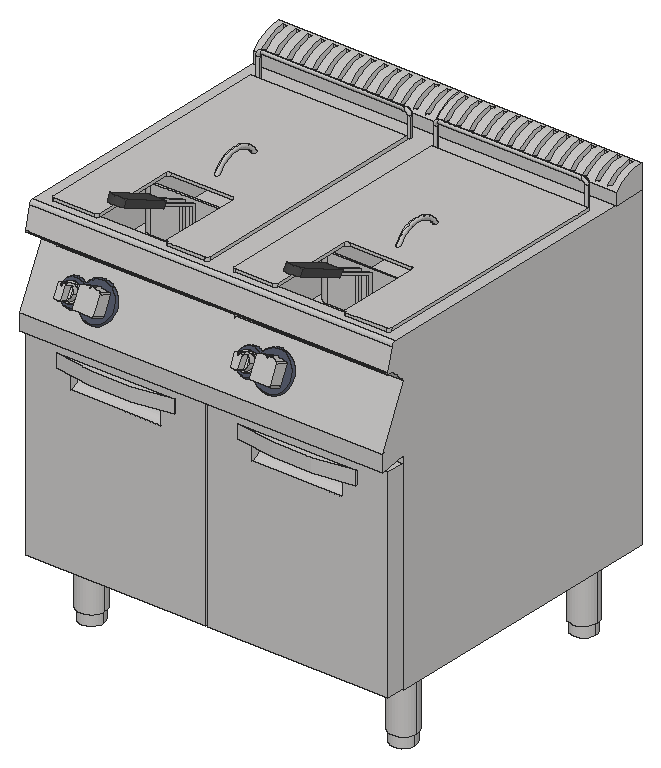
Revit family "QF_ZANUSSI_372071_Z7FRGH2GF0", category Specialty Equipment, Revit 2018
Family settings
  Round Connector Dimension = Use Diameter
  Part Type = Normal
  Work Plane-Based = No
  Always vertical = Yes
  Cut with Voids When Loaded = No
  Shared = No
  Room Calculation Point = No
Parameters
  Width = 800 mm  # constant formula
  Weight in Pounds = 187  # constant formula
  Weight = 0.00 kg
  Watts = 0 W
  Volts = 0 V
  URL Manufacturer = "http://www.zanussiprofessional.com"
  URL Cutsheet = "www.electrolux.com/foodservice"
  URL = "http://www.zanussiprofessional.com"
  Type Mark [instance] = ""
  Steam Supply Size = 0"
  Steam Supply Minimum Pressure = 0.00 psi
  Steam Supply Maximum Pressure = 0.00 psi
  Steam Pounds per Hour = 0
  Status [instance] = ""
  Specification by User [instance] = ""
  Specification by Manufacturer = ""
  Show Logo [instance] = yes
  Show Clearance [instance] = yes
  Serial Number = ""
  Seismic Rating = ""
  SMACNA No = ""
  Revision Code [instance] = ""
  Refrigeration Suction Line Size = 0"
  Refrigeration Liquid Line Size = 0"
  Refrigerant Compressor Remote = yes
  Phase = 0
  Omniclass Number and Title = ""
  NAFEM Spec ID Number = ""
  Model = "Z7FRGH2GF0"
  Mechanical Remarks [instance] = ""
  Mechanical Connection Type [instance] = ""
  Masterspec = ""
  Manufacturer = "Zanussi"
  Length Actual = 800 mm  # constant formula
  Item Number [instance] = "372071"
  Installed By [instance] = ""
  Identify Quantity as Lot [instance] = yes
  Hot Water Size = 0"
  Height Actual = 850 mm  # constant formula
  Height = 333 mm  # constant formula
  HP = "0 HP"
  Gas Size = 1/2"  # constant formula
  Gas RI Height [instance] = 0 mm
  Gas KW [instance] = 28  # constant formula
  Gas Input [instance] = 95452.0 Btu/h  # constant formula
  Gas Connection Height = 0 mm
  Furnished By [instance] = ""
  Foodservice Equipment Identifier [instance] = yes
  Direct Waste Size = 0"
  Description = "2X15 LITRE GAS FRYER 800 MM"
  Depth Actual = 700 mm  # constant formula
  Depth = 715 mm  # constant formula
  Cycle = 0 Hz
  Condensate Return Size = 0"
  Compressed Air Volume = 0 GPM
  Compressed Air Size = 0"
  Compressed Air Pressure = 0.00 psi
  Cold Water Size = 0"
  CSI MasterFormat = ""
  CSI Master Format = ""
  Base Height [instance] = 150 mm  # constant formula
  Accessory = yes
Reference planes
  plane 1 "BACK": y = 0
  plane 2: z = 0
  plane 3 "LEFT": x = 0
  plane 4 "RIGHT": x = 800
  plane 5 "FRONT": y = -715
  plane 6 "TOP": z = 905
  plane 7 "Center Y": x = 400
  plane 8 "Center X": y = -357.5
  plane 9 "BASE": z = 600
  plane 10 "TOP A": z = 850
  plane 11: y = -597.884
  plane 12: y = -147.637
  plane 13: z = 938
  plane 14: z = 150
Forms (mm)
  Extrusion 1, solid, material "QF_Finishes_Stainless Steel"
    sketch origin (0, 0, 0) x (0, 1, 0) y (0, 0, 1)
      loop
        line (0, 850) -> (-679.358, 850)
        arc (-679.358, 850) -> (-684.643, 847.811) -> (-686.833, 842.526) r 7.474
        line (-686.833, 842.526) -> (-699.884, 797.011)
        arc (-699.884, 797.011) -> (-699.396, 794.379) -> (-697, 793.184) r 3
        line (-697, 793.184) -> (-686.802, 793.184) -> (-654.982, 761.364) -> (-715, 640.508) -> (-715, 605.508) -> (-658.645, 613.428)
        arc (-658.645, 613.428) -> (-656.101, 612.674) -> (-655, 610.259) r 3.2
        line (-655, 610.259) -> (-655, 150) -> (0, 150) -> (0, 850)
      loop
        line (-700, 600) -> (-700, 155) -> (-660, 155) -> (-660, 600) -> (-700, 600)
    from 0 to 800
  Extrusion 2, solid, material "QF_Finishes_Stainless Steel"
    sketch origin (0, 0, 0) x (0, 1, 0) y (0, 0, 1)
      loop
        line (0, 850) -> (0, 905)
        arc (0, 905) -> (-38.078, 897.641) -> (-69.85, 875.4) r 93.057
        line (-69.85, 875.4) -> (-69.85, 850) -> (0, 850)
    from 0 to 800
  Extrusion 3, void
    sketch origin (0, 0, 850) x (-1, 0, 0) y (0, -1, 0)
      loop
        line (-33.338, 147.762) -> (-33.338, 655.762) -> (-373.012, 655.762) -> (-373.012, 147.762) -> (-33.338, 147.762)
      loop
        line (-766.662, 655.762) -> (-766.662, 147.762) -> (-426.988, 147.762) -> (-426.988, 655.762) -> (-766.662, 655.762)
    from 0 to -152.4
  Extrusion 4, void
    sketch origin (0, 0, 850) x (-1, 0, 0) y (0, -1, 0)
      loop
        line (-13.453, 6.761) -> (-13.453, 63.911) -> (-22.749, 63.911) -> (-22.749, 6.761) -> (-13.453, 6.761)
    from 25.4 to 63.5
  Extrusion 5, solid, material "QF_Finishes_Clearance", visible <- "Show Clearance", detail levels coarse
    sketch origin (0, 0, 0) x (1, 0, 0) y (0, 1, 0)
      loop
        line (0, -715) -> (0, 0) -> (800, 0) -> (800, -715) -> (950.019, -715) -> (950.019, 150.019) -> (-150.019, 150.019) -> (-150.019, -715) -> (0, -715)
    from 0 to 905
  Extrusion 6, solid, material "QF_Finishes_Stainless Steel"
    sketch origin (-77.88, -4572, 850) x (-1, 0, 0) y (0, -1, 0)
      loop
        arc (-104.867, -3916.238) -> (-106.727, -3911.748) -> (-111.217, -3909.888) r 6.35
        line (-111.217, -3909.888) -> (-200.117, -3909.888)
        arc (-200.117, -3909.888) -> (-204.607, -3911.748) -> (-206.467, -3916.238) r 6.35
        line (-206.467, -3916.238) -> (-206.467, -4098.488)
        arc (-206.467, -4098.488) -> (-208.327, -4102.979) -> (-212.817, -4104.838) r 6.35
        line (-212.817, -4104.838) -> (-349.292, -4104.838)
        arc (-349.292, -4104.838) -> (-353.782, -4102.979) -> (-355.642, -4098.488) r 6.35
        line (-355.642, -4098.488) -> (-355.642, -3916.238)
        arc (-355.642, -3916.238) -> (-357.502, -3911.748) -> (-361.992, -3909.888) r 6.35
        line (-361.992, -3909.888) -> (-444.542, -3909.888)
        arc (-444.542, -3909.888) -> (-449.032, -3911.748) -> (-450.892, -3916.238) r 6.35
        line (-450.892, -3916.238) -> (-450.892, -4459.163) -> (-104.867, -4459.163) -> (-104.867, -3916.238)
      loop
        line (-850.892, -3916.238) -> (-850.892, -4459.163) -> (-504.867, -4459.163) -> (-504.867, -3916.238)
        arc (-504.867, -3916.238) -> (-506.727, -3911.748) -> (-511.217, -3909.888) r 6.35
        line (-511.217, -3909.888) -> (-593.767, -3909.888)
        arc (-593.767, -3909.888) -> (-598.257, -3911.748) -> (-600.117, -3916.238) r 6.35
        line (-600.117, -3916.238) -> (-600.117, -4098.488)
        arc (-600.117, -4098.488) -> (-601.977, -4102.979) -> (-606.467, -4104.838) r 6.35
        line (-606.467, -4104.838) -> (-742.942, -4104.838)
        arc (-742.942, -4104.838) -> (-747.432, -4102.979) -> (-749.292, -4098.488) r 6.35
        line (-749.292, -4098.488) -> (-749.292, -3916.238)
        arc (-749.292, -3916.238) -> (-751.152, -3911.748) -> (-755.642, -3909.888) r 6.35
        line (-755.642, -3909.888) -> (-844.542, -3909.888)
        arc (-844.542, -3909.888) -> (-849.032, -3911.748) -> (-850.892, -3916.238) r 6.35
    from 0 to 6.35
  Sweep 7, solid, material "QF_Finishes_Stainless Steel"
    path origin (0, 36.513, 0) x (1, 0, 0) y (0, 0, 1)
      loop
        line (39.688, 850) -> (39.688, 895.475)
        arc (39.688, 895.475) -> (41.547, 899.965) -> (46.038, 901.825) r 6.35
        line (46.038, 901.825) -> (362.669, 901.825)
        arc (362.669, 901.825) -> (367.16, 899.965) -> (369.019, 895.475) r 6.35
        line (369.019, 895.475) -> (369.019, 850)
    profile origin (39.688, 36.513, 872.738) x (-1, 0, 0) y (0, -1, 0)
      loop
        circle (2.09, 140.754) r 3.827
  Extrusion 8, solid, material "QF_Finishes_Black"
    sketch origin (271.462, -708.83, 942.26) x (0, 0.906308, -0.422618) y (-1, 0, 0)
      loop
        line (10.103, 47.37) -> (128.716, 47.37) -> (128.716, 84.605) -> (10.103, 84.605)
        arc (10.103, 84.605) -> (-0.124, 65.987) -> (10.103, 47.37) r 22.059
    from -15.884 to 0
  Extrusion 9, solid, material "QF_Finishes_Stainless Steel"
    sketch origin (271.463, 41.275, 0) x (0, 1, 0) y (0, 0, 1)
      loop
        line (-547.91, 741) -> (-547.91, 842.478) -> (-635.463, 883.305) -> (-638.147, 877.55) -> (-554.26, 838.433) -> (-554.26, 741) -> (-547.91, 741)
    from -80.476 to -74.619
  Extrusion 10, solid, material "QF_Finishes_Stainless Steel"
    sketch origin (139.588, 41.275, 0) x (0, 1, 0) y (0, 0, -1)
      loop
        line (-554.26, -838.433) -> (-638.147, -877.55) -> (-635.463, -883.305) -> (-547.91, -842.478) -> (-547.91, -741) -> (-554.26, -741) -> (-554.26, -838.433)
    from -80.476 to -74.619
  Sweep 11, solid, material "QF_Finishes_Stainless Steel"
    path origin (200.025, -0.124, 0) x (0, 1, 0) y (0, 0, 1)
      loop
        arc (-315.761, 850) -> (-370.2, 883.779) -> (-424.639, 850) r 60.757
    profile origin (200.025, -370.324, 883.779) x (0, 0, -1) y (1, 0, 0)
      loop
        circle (0, 0) r 4.353
  Sweep 12, solid, material "QF_Finishes_Stainless Steel"
    path origin (600.075, -0.124, 0) x (0, 1, 0) y (0, 0, -1)
      loop
        arc (-315.761, -850) -> (-370.2, -883.779) -> (-424.639, -850) r 60.757
    profile origin (600.075, -370.324, 883.779) x (0, 0, 1) y (-1, 0, 0)
      loop
        circle (0, 0) r 4.353
  Extrusion 13, solid, material "QF_Finishes_Black"
    sketch origin (528.637, -708.83, 942.26) x (0, 0.906308, -0.422618) y (-1, 0, 0)
      loop
        arc (10.103, -47.27) -> (-0.124, -65.887) -> (10.103, -84.505) r 22.059
        line (10.103, -84.505) -> (128.716, -84.505) -> (128.716, -47.27) -> (10.103, -47.27)
    from -15.884 to 0
  Extrusion 14, solid, material "QF_Finishes_Mesh"
    sketch origin (0, 0, 850) x (-1, 0, 0) y (0, -1, 0)
      loop
        arc (-116.625, 189.135) -> (-98.665, 196.575) -> (-91.225, 214.535) r 25.4
        line (-91.225, 214.535) -> (-91.225, 473.61)
        arc (-91.225, 473.61) -> (-98.665, 491.571) -> (-116.625, 499.01) r 25.4
        line (-116.625, 499.01) -> (-294.375, 499.01)
        arc (-294.375, 499.01) -> (-312.336, 491.571) -> (-319.775, 473.61) r 25.4
        line (-319.775, 473.61) -> (-319.775, 214.535)
        arc (-319.775, 214.535) -> (-312.336, 196.575) -> (-294.375, 189.135) r 25.4
        line (-294.375, 189.135) -> (-116.625, 189.135)
      loop
        arc (-116.625, 192.31) -> (-100.91, 198.82) -> (-94.4, 214.535) r 22.225
        line (-94.4, 214.535) -> (-94.4, 473.61)
        arc (-94.4, 473.61) -> (-100.91, 489.326) -> (-116.625, 495.835) r 22.225
        line (-116.625, 495.835) -> (-294.375, 495.835)
        arc (-294.375, 495.835) -> (-310.091, 489.326) -> (-316.6, 473.61) r 22.225
        line (-316.6, 473.61) -> (-316.6, 214.535)
        arc (-316.6, 214.535) -> (-310.091, 198.82) -> (-294.375, 192.31) r 22.225
        line (-294.375, 192.31) -> (-116.625, 192.31)
      loop
        line (-683.375, 189.135) -> (-505.625, 189.135)
        arc (-505.625, 189.135) -> (-487.664, 196.575) -> (-480.225, 214.535) r 25.4
        line (-480.225, 214.535) -> (-480.225, 473.61)
        arc (-480.225, 473.61) -> (-487.664, 491.571) -> (-505.625, 499.01) r 25.4
        line (-505.625, 499.01) -> (-683.375, 499.01)
        arc (-683.375, 499.01) -> (-701.335, 491.571) -> (-708.775, 473.61) r 25.4
        line (-708.775, 473.61) -> (-708.775, 214.535)
        arc (-708.775, 214.535) -> (-701.335, 196.575) -> (-683.375, 189.135) r 25.4
      loop
        line (-683.375, 192.31) -> (-505.625, 192.31)
        arc (-505.625, 192.31) -> (-489.909, 198.82) -> (-483.4, 214.535) r 22.225
        line (-483.4, 214.535) -> (-483.4, 473.61)
        arc (-483.4, 473.61) -> (-489.909, 489.326) -> (-505.625, 495.835) r 22.225
        line (-505.625, 495.835) -> (-683.375, 495.835)
        arc (-683.375, 495.835) -> (-699.09, 489.326) -> (-705.6, 473.61) r 22.225
        line (-705.6, 473.61) -> (-705.6, 214.535)
        arc (-705.6, 214.535) -> (-699.09, 198.82) -> (-683.375, 192.31) r 22.225
    from -109 to -5.315
  Extrusion 15, solid, material "QF_Finishes_Stainless Steel"
    sketch origin (528.637, 41.275, 0) x (0, 1, 0) y (0, 0, -1)
      loop
        line (-547.91, -741) -> (-554.26, -741) -> (-554.26, -838.433) -> (-638.147, -877.55) -> (-635.463, -883.305) -> (-547.91, -842.478) -> (-547.91, -741)
    from -80.476 to -74.619
  Extrusion 16, solid, material "QF_Finishes_Stainless Steel"
    sketch origin (660.512, 41.275, 0) x (0, 1, 0) y (0, 0, 1)
      loop
        line (-554.26, 838.433) -> (-554.26, 741) -> (-547.91, 741) -> (-547.91, 842.478) -> (-635.463, 883.305) -> (-638.147, 877.55) -> (-554.26, 838.433)
    from -80.476 to -74.619
  Sweep 17, solid, material "QF_Finishes_Stainless Steel"
    path origin (800.1, 36.513, 0) x (-1, 0, 0) y (0, 0, -1)
      loop
        line (39.788, -850) -> (39.788, -895.475)
        arc (39.788, -895.475) -> (41.647, -899.965) -> (46.138, -901.825) r 6.35
        line (46.138, -901.825) -> (362.769, -901.825)
        arc (362.769, -901.825) -> (367.26, -899.965) -> (369.119, -895.475) r 6.35
        line (369.119, -895.475) -> (369.119, -850)
    profile origin (760.312, 36.513, 872.738) x (-1, 0, 0) y (0, -1, 0)
      loop
        circle (-2.09, 140.754) r 3.827
  Extrusion 18, void
    sketch origin (361.95, 0, 850) x (-1, 0, 0) y (0, -1, 0)
      loop
        line (-13.403, 6.761) -> (-13.403, 63.911) -> (-22.699, 63.911) -> (-22.699, 6.761) -> (-13.403, 6.761)
    from 25.4 to 63.5
  Extrusion 19, void
    sketch origin (27.842, 0, 850) x (-1, 0, 0) y (0, -1, 0)
      loop
        line (-13.453, 6.761) -> (-13.453, 63.911) -> (-22.749, 63.911) -> (-22.749, 6.761) -> (-13.453, 6.761)
    from 25.4 to 63.5
  Extrusion 20, void
    sketch origin (55.685, 0, 850) x (-1, 0, 0) y (0, -1, 0)
      loop
        line (-13.453, 6.761) -> (-13.453, 63.911) -> (-22.749, 63.911) -> (-22.749, 6.761) -> (-13.453, 6.761)
    from 25.4 to 63.5
  Extrusion 21, void
    sketch origin (83.527, 0, 850) x (-1, 0, 0) y (0, -1, 0)
      loop
        line (-13.453, 6.761) -> (-13.453, 63.911) -> (-22.749, 63.911) -> (-22.749, 6.761) -> (-13.453, 6.761)
    from 25.4 to 63.5
  Extrusion 22, void
    sketch origin (111.369, 0, 850) x (-1, 0, 0) y (0, -1, 0)
      loop
        line (-13.453, 6.761) -> (-13.453, 63.911) -> (-22.749, 63.911) -> (-22.749, 6.761) -> (-13.453, 6.761)
    from 25.4 to 63.5
  Extrusion 23, void
    sketch origin (139.212, 0, 850) x (-1, 0, 0) y (0, -1, 0)
      loop
        line (-13.453, 6.761) -> (-13.453, 63.911) -> (-22.749, 63.911) -> (-22.749, 6.761) -> (-13.453, 6.761)
    from 25.4 to 63.5
  Extrusion 24, void
    sketch origin (167.054, 0, 850) x (-1, 0, 0) y (0, -1, 0)
      loop
        line (-13.453, 6.761) -> (-13.453, 63.911) -> (-22.749, 63.911) -> (-22.749, 6.761) -> (-13.453, 6.761)
    from 25.4 to 63.5
  Extrusion 25, void
    sketch origin (194.896, 0, 850) x (-1, 0, 0) y (0, -1, 0)
      loop
        line (-13.403, 6.761) -> (-13.403, 63.911) -> (-22.699, 63.911) -> (-22.699, 6.761) -> (-13.403, 6.761)
    from 25.4 to 63.5
  Extrusion 26, void
    sketch origin (222.738, 0, 850) x (-1, 0, 0) y (0, -1, 0)
      loop
        line (-13.403, 6.761) -> (-13.403, 63.911) -> (-22.699, 63.911) -> (-22.699, 6.761) -> (-13.403, 6.761)
    from 25.4 to 63.5
  Extrusion 27, void
    sketch origin (250.581, 0, 850) x (-1, 0, 0) y (0, -1, 0)
      loop
        line (-13.403, 6.761) -> (-13.403, 63.911) -> (-22.699, 63.911) -> (-22.699, 6.761) -> (-13.403, 6.761)
    from 25.4 to 63.5
  Extrusion 28, void
    sketch origin (278.423, 0, 850) x (-1, 0, 0) y (0, -1, 0)
      loop
        line (-13.403, 6.761) -> (-13.403, 63.911) -> (-22.699, 63.911) -> (-22.699, 6.761) -> (-13.403, 6.761)
    from 25.4 to 63.5
  Extrusion 29, void
    sketch origin (306.265, 0, 850) x (-1, 0, 0) y (0, -1, 0)
      loop
        line (-13.403, 6.761) -> (-13.403, 63.911) -> (-22.699, 63.911) -> (-22.699, 6.761) -> (-13.403, 6.761)
    from 25.4 to 63.5
  Extrusion 30, void
    sketch origin (334.108, 0, 850) x (-1, 0, 0) y (0, -1, 0)
      loop
        line (-13.403, 6.761) -> (-13.403, 63.911) -> (-22.699, 63.911) -> (-22.699, 6.761) -> (-13.403, 6.761)
    from 25.4 to 63.5
  Extrusion 31, void
    sketch origin (800.1, 0, 850) x (1, 0, 0) y (0, 1, 0)
      loop
        line (-13.553, -6.761) -> (-22.849, -6.761) -> (-22.849, -63.911) -> (-13.553, -63.911) -> (-13.553, -6.761)
    from 25.4 to 63.5
  Extrusion 32, void
    sketch origin (438.15, 0, 850) x (1, 0, 0) y (0, 1, 0)
      loop
        line (-13.503, -6.761) -> (-22.799, -6.761) -> (-22.799, -63.911) -> (-13.503, -63.911) -> (-13.503, -6.761)
    from 25.4 to 63.5
  Extrusion 33, void
    sketch origin (772.258, 0, 850) x (1, 0, 0) y (0, 1, 0)
      loop
        line (-13.553, -6.761) -> (-22.849, -6.761) -> (-22.849, -63.911) -> (-13.553, -63.911) -> (-13.553, -6.761)
    from 25.4 to 63.5
  Extrusion 34, void
    sketch origin (744.415, 0, 850) x (1, 0, 0) y (0, 1, 0)
      loop
        line (-13.553, -6.761) -> (-22.849, -6.761) -> (-22.849, -63.911) -> (-13.553, -63.911) -> (-13.553, -6.761)
    from 25.4 to 63.5
  Extrusion 35, void
    sketch origin (716.573, 0, 850) x (1, 0, 0) y (0, 1, 0)
      loop
        line (-13.553, -6.761) -> (-22.849, -6.761) -> (-22.849, -63.911) -> (-13.553, -63.911) -> (-13.553, -6.761)
    from 25.4 to 63.5
  Extrusion 36, void
    sketch origin (688.731, 0, 850) x (1, 0, 0) y (0, 1, 0)
      loop
        line (-13.553, -6.761) -> (-22.849, -6.761) -> (-22.849, -63.911) -> (-13.553, -63.911) -> (-13.553, -6.761)
    from 25.4 to 63.5
  Extrusion 37, void
    sketch origin (660.888, 0, 850) x (1, 0, 0) y (0, 1, 0)
      loop
        line (-13.553, -6.761) -> (-22.849, -6.761) -> (-22.849, -63.911) -> (-13.553, -63.911) -> (-13.553, -6.761)
    from 25.4 to 63.5
  Extrusion 38, void
    sketch origin (633.046, 0, 850) x (1, 0, 0) y (0, 1, 0)
      loop
        line (-13.553, -6.761) -> (-22.849, -6.761) -> (-22.849, -63.911) -> (-13.553, -63.911) -> (-13.553, -6.761)
    from 25.4 to 63.5
  Extrusion 39, void
    sketch origin (605.204, 0, 850) x (1, 0, 0) y (0, 1, 0)
      loop
        line (-13.503, -6.761) -> (-22.799, -6.761) -> (-22.799, -63.911) -> (-13.503, -63.911) -> (-13.503, -6.761)
    from 25.4 to 63.5
  Extrusion 40, void
    sketch origin (577.362, 0, 850) x (1, 0, 0) y (0, 1, 0)
      loop
        line (-13.503, -6.761) -> (-22.799, -6.761) -> (-22.799, -63.911) -> (-13.503, -63.911) -> (-13.503, -6.761)
    from 25.4 to 63.5
  Extrusion 41, void
    sketch origin (549.519, 0, 850) x (1, 0, 0) y (0, 1, 0)
      loop
        line (-13.503, -6.761) -> (-22.799, -6.761) -> (-22.799, -63.911) -> (-13.503, -63.911) -> (-13.503, -6.761)
    from 25.4 to 63.5
  Extrusion 42, void
    sketch origin (521.677, 0, 850) x (1, 0, 0) y (0, 1, 0)
      loop
        line (-13.503, -6.761) -> (-22.799, -6.761) -> (-22.799, -63.911) -> (-13.503, -63.911) -> (-13.503, -6.761)
    from 25.4 to 63.5
  Extrusion 43, void
    sketch origin (493.835, 0, 850) x (1, 0, 0) y (0, 1, 0)
      loop
        line (-13.503, -6.761) -> (-22.799, -6.761) -> (-22.799, -63.911) -> (-13.503, -63.911) -> (-13.503, -6.761)
    from 25.4 to 63.5
  Extrusion 44, void
    sketch origin (465.992, 0, 850) x (1, 0, 0) y (0, 1, 0)
      loop
        line (-13.503, -6.761) -> (-22.799, -6.761) -> (-22.799, -63.911) -> (-13.503, -63.911) -> (-13.503, -6.761)
    from 25.4 to 63.5
  Extrusion 45, void
    sketch origin (418.151, 0, 850) x (1, 0, 0) y (0, 1, 0)
      loop
        line (-16.563, 0) -> (-19.738, 0) -> (-19.738, -69.85) -> (-16.563, -69.85) -> (-16.563, 0)
    from 25.4 to 63.5
  Revolve 46, solid, material "QF_Finishes_Stainless Steel"
    sketch origin (0, -587.387, 608.09) x (0, 0, 1) y (-1, 0, 0)
      loop
        line (-608.09, -56) -> (-458.09, -56) -> (-458.09, -26) -> (-583.09, -26) -> (-583.09, -29.75) -> (-608.09, -29.75) -> (-608.09, -56)
      axis (-608.09, -56) -> (-458.09, -56)
    angle from 0 to 360
  Revolve 47, solid, material "QF_Finishes_Stainless Steel"
    sketch origin (0, -90, 608.09) x (0, 0, 1) y (-1, 0, 0)
      loop
        line (-608.09, -56) -> (-458.09, -56) -> (-458.09, -26) -> (-583.09, -26) -> (-583.09, -29.75) -> (-608.09, -29.75) -> (-608.09, -56)
      axis (-608.09, -56) -> (-458.09, -56)
    angle from 0 to 360
  Revolve 48, solid, material "QF_Finishes_Stainless Steel"
    sketch origin (800.1, -587.387, 608.09) x (0, 0, 1) y (-1, 0, 0)
      loop
        line (-608.09, 56.1) -> (-608.09, 29.85) -> (-583.09, 29.85) -> (-583.09, 26.1) -> (-458.09, 26.1) -> (-458.09, 56.1) -> (-608.09, 56.1)
      axis (-608.09, 56.1) -> (-458.09, 56.1)
    angle from 0 to 360
  Revolve 49, solid, material "QF_Finishes_Stainless Steel"
    sketch origin (800.1, -90, 608.09) x (0, 0, 1) y (-1, 0, 0)
      loop
        line (-608.09, 56.1) -> (-608.09, 29.85) -> (-583.09, 29.85) -> (-583.09, 26.1) -> (-458.09, 26.1) -> (-458.09, 56.1) -> (-608.09, 56.1)
      axis (-608.09, 56.1) -> (-458.09, 56.1)
    angle from 0 to 360
  Extrusion 50, solid, material "QF_Finishes_Stainless Steel"
    sketch origin (-77.88, -4572, 150) x (-1, 0, 0) y (0, -1, 0)
      loop
        circle (-832.88, -4055) r 6.35
    from 0 to -12.7
  Extrusion 51, void
    sketch origin (200, -27.863, 0) x (0, 1, 0) y (0, 0, 1)
      loop
        line (-672.137, 567) -> (-672.137, 517)
        arc (-672.137, 517) -> (-656.47, 524.721) -> (-650.137, 541) r 24.091
        line (-650.137, 541) -> (-650.137, 567) -> (-672.137, 567)
    from -100 to 100
  Extrusion 52, solid, material "QF_Finishes_Stainless Steel"
    sketch origin (-77.88, -4572, 150) x (-1, 0, 0) y (0, -1, 0)
      loop
        arc (-147.606, -3871.085) -> (-277.88, -3857) -> (-408.153, -3871.085) r 609.497
        line (-408.153, -3871.085) -> (-408.153, -3872) -> (-147.606, -3872) -> (-147.606, -3871.085)
    from 400 to 430
  Extrusion 53, void
    sketch origin (600, -27.863, 0) x (0, 1, 0) y (0, 0, 1)
      loop
        line (-672.137, 567) -> (-672.137, 517)
        arc (-672.137, 517) -> (-656.47, 524.721) -> (-650.137, 541) r 24.091
        line (-650.137, 541) -> (-650.137, 567) -> (-672.137, 567)
    from -100 to 100
  Extrusion 54, solid, material "QF_Finishes_Stainless Steel"
    sketch origin (322.12, -4572, 150) x (-1, 0, 0) y (0, -1, 0)
      loop
        arc (-147.606, -3871.085) -> (-277.88, -3857) -> (-408.153, -3871.085) r 609.497
        line (-408.153, -3871.085) -> (-408.153, -3872) -> (-147.606, -3872) -> (-147.606, -3871.085)
    from 400 to 430
  Extrusion 55, solid, material "QF_Finishes_Door Clearance", visible <- "Show Clearance", detail levels coarse
    sketch origin (0, 0, 850) x (-1, 0, 0) y (0, -1, 0)
      loop
        arc (0, 1073) -> (-280.596, 964.46) -> (-397.87, 687.4) r 385.701
        line (-397.87, 687.4) -> (0, 687.4) -> (0, 1073)
      loop
        line (-800, 1073) -> (-800, 687.4) -> (-402.13, 687.4)
        arc (-402.13, 687.4) -> (-519.404, 964.46) -> (-800, 1073) r 385.701
    from -695 to -250
  Extrusion 56, void
    sketch origin (0, -660.4, 150) x (0, 0, 1) y (-1, 0, 0)
      loop
        line (450, -397.87) -> (5, -397.87) -> (5, -402.13) -> (450, -402.13) -> (450, -397.87)
    from -0.4 to 39.6
  Blend 57, solid, material "QF_Finishes_Navy Blue"
    base sketch origin (148, -684.996, 700.936) x (1, 0, 0) y (0, 0.445264, 0.895399)
      loop
        arc (-35.05, -24.037) -> (42.5, 0) -> (-35.05, 24.037) r 42.5
        arc (-35.05, 24.037) -> (-83, 0) -> (-35.05, -24.037) r 30
    top sketch origin (148, -684.996, 700.936) x (1, 0, 0) y (0, 0.445264, 0.895399)
      loop
        arc (-34.578, -21.086) -> (40.5, 0) -> (-34.578, 21.086) r 40.5
        arc (-34.578, 21.086) -> (-81, 0) -> (-34.578, -21.086) r 28
    from 0 to 5
  Extrusion 58, solid, material "QF_Finishes_Stainless Steel"
    sketch origin (-84.5, -684.996, 700.936) x (1, 0, 0) y (0, 0.445264, 0.895399)
      loop
        circle (177.499, -0.341) r 20
    from 5 to 10
  Extrusion 59, solid, material "QF_Finishes_Stainless Steel"
    sketch origin (-84.5, -684.996, 700.936) x (1, 0, 0) y (0, 0.445264, 0.895399)
      loop
        arc (211.353, 22.789) -> (210.006, 21.685) -> (209.5, 20.019) r 2.997
        line (209.5, 20.019) -> (209.5, -20.019)
        arc (209.5, -20.019) -> (210.378, -22.138) -> (212.497, -23.016) r 2.997
        line (212.497, -23.016) -> (252.503, -23.016)
        arc (252.503, -23.016) -> (254.622, -22.138) -> (255.5, -20.019) r 2.997
        line (255.5, -20.019) -> (255.5, 20.019)
        arc (255.5, 20.019) -> (254.994, 21.685) -> (253.647, 22.789) r 2.997
        arc (253.647, 22.789) -> (232.5, 26.984) -> (211.353, 22.789) r 55.4
    from 5 to 34
  Extrusion 60, solid, material "QF_Finishes_Stainless Steel"
    sketch origin (-84.5, -684.996, 700.936) x (1, 0, 0) y (0, 0.445264, 0.895399)
      loop
        circle (177.499, -0.341) r 16
    from 10 to 40
  Extrusion 61, void
    sketch origin (148, -684.996, 700.936) x (1, 0, 0) y (0, -0.895399, 0.445264)
      loop
        line (-62.999, 24.837) -> (-62.999, 40) -> (-71.893, 40) -> (-71.893, 22) -> (-65.835, 22)
        arc (-65.835, 22) -> (-63.827, 22.828) -> (-62.999, 24.837) r 2.827
      loop
        arc (-47.003, 24.837) -> (-46.175, 22.828) -> (-44.167, 22) r 2.827
        line (-44.167, 22) -> (-38.109, 22) -> (-38.109, 40) -> (-47.003, 40) -> (-47.003, 24.837)
    from -20.019 to 20.019
  Extrusion 62, solid, material "QF_Plastic-Black-Matte"
    sketch origin (205.5, -684.996, 700.936) x (0, 0.445264, 0.895399) y (0, -0.895399, 0.445264)
      loop
        line (26.984, 34) -> (26.984, 19) -> (27.984, 19) -> (27.984, 34)
        arc (27.984, 34) -> (27.691, 34.707) -> (26.984, 35) r 1
        line (26.984, 35) -> (23.984, 35) -> (23.984, 34) -> (26.984, 34)
    from -58.5 to -56.5
  Extrusion 63, solid, material "QF_Plastic-Black-Matte"
    sketch origin (92.999, -818.576, 432.316) x (0, -0.445264, -0.895399) y (0, -0.895399, 0.445264)
      loop
        line (-310.284, 39.984) -> (-310.284, 40.984) -> (-312.9, 40.984)
        arc (-312.9, 40.984) -> (-315.562, 39.882) -> (-316.664, 37.22) r 3.764
        line (-316.664, 37.22) -> (-316.664, 25.027) -> (-315.664, 25.027) -> (-315.664, 37.22)
        arc (-315.664, 37.22) -> (-314.855, 39.175) -> (-312.9, 39.984) r 2.764
        line (-312.9, 39.984) -> (-310.284, 39.984)
    from 1 to -1
  Blend 64, solid, material "QF_Finishes_Navy Blue"
    base sketch origin (538, -684.996, 700.936) x (1, 0, 0) y (0, 0.445264, 0.895399)
      loop
        arc (-35.05, -24.037) -> (42.5, 0) -> (-35.05, 24.037) r 42.5
        arc (-35.05, 24.037) -> (-83, 0) -> (-35.05, -24.037) r 30
    top sketch origin (538, -684.996, 700.936) x (1, 0, 0) y (0, 0.445264, 0.895399)
      loop
        arc (-34.578, -21.086) -> (40.5, 0) -> (-34.578, 21.086) r 40.5
        arc (-34.578, 21.086) -> (-81, 0) -> (-34.578, -21.086) r 28
    from 0 to 5
  Extrusion 65, solid, material "QF_Finishes_Stainless Steel"
    sketch origin (305.5, -684.996, 700.936) x (1, 0, 0) y (0, 0.445264, 0.895399)
      loop
        circle (177.499, -0.341) r 20
    from 5 to 10
  Extrusion 66, solid, material "QF_Finishes_Stainless Steel"
    sketch origin (305.5, -684.996, 700.936) x (1, 0, 0) y (0, 0.445264, 0.895399)
      loop
        arc (211.353, 22.789) -> (210.006, 21.685) -> (209.5, 20.019) r 2.997
        line (209.5, 20.019) -> (209.5, -20.019)
        arc (209.5, -20.019) -> (210.378, -22.138) -> (212.497, -23.016) r 2.997
        line (212.497, -23.016) -> (252.503, -23.016)
        arc (252.503, -23.016) -> (254.622, -22.138) -> (255.5, -20.019) r 2.997
        line (255.5, -20.019) -> (255.5, 20.019)
        arc (255.5, 20.019) -> (254.994, 21.685) -> (253.647, 22.789) r 2.997
        arc (253.647, 22.789) -> (232.5, 26.984) -> (211.353, 22.789) r 55.4
    from 5 to 34
  Extrusion 67, solid, material "QF_Finishes_Stainless Steel"
    sketch origin (305.5, -684.996, 700.936) x (1, 0, 0) y (0, 0.445264, 0.895399)
      loop
        circle (177.499, -0.341) r 16
    from 10 to 40
  Extrusion 68, void
    sketch origin (538, -684.996, 700.936) x (1, 0, 0) y (0, -0.895399, 0.445264)
      loop
        line (-62.999, 24.837) -> (-62.999, 40) -> (-71.893, 40) -> (-71.893, 22) -> (-65.835, 22)
        arc (-65.835, 22) -> (-63.827, 22.828) -> (-62.999, 24.837) r 2.827
      loop
        arc (-47.003, 24.837) -> (-46.175, 22.828) -> (-44.167, 22) r 2.827
        line (-44.167, 22) -> (-38.109, 22) -> (-38.109, 40) -> (-47.003, 40) -> (-47.003, 24.837)
    from -20.019 to 20.019
  Extrusion 69, solid, material "QF_Plastic-Black-Matte"
    sketch origin (595.5, -684.996, 700.936) x (0, 0.445264, 0.895399) y (0, -0.895399, 0.445264)
      loop
        line (26.984, 34) -> (26.984, 19) -> (27.984, 19) -> (27.984, 34)
        arc (27.984, 34) -> (27.691, 34.707) -> (26.984, 35) r 1
        line (26.984, 35) -> (23.984, 35) -> (23.984, 34) -> (26.984, 34)
    from -58.5 to -56.5
  Extrusion 70, solid, material "QF_Plastic-Black-Matte"
    sketch origin (482.999, -818.576, 432.316) x (0, -0.445264, -0.895399) y (0, -0.895399, 0.445264)
      loop
        line (-310.284, 39.984) -> (-310.284, 40.984) -> (-312.9, 40.984)
        arc (-312.9, 40.984) -> (-315.562, 39.882) -> (-316.664, 37.22) r 3.764
        line (-316.664, 37.22) -> (-316.664, 25.027) -> (-315.664, 25.027) -> (-315.664, 37.22)
        arc (-315.664, 37.22) -> (-314.855, 39.175) -> (-312.9, 39.984) r 2.764
        line (-312.9, 39.984) -> (-310.284, 39.984)
    from 1 to -1
Cuts and joins
  Extrusion 3, Extrusion 4, Extrusion 51, Extrusion 53, Extrusion 56 cuts Extrusion 1
  Extrusion 4, Extrusion 18, Extrusion 19, Extrusion 20, Extrusion 21, Extrusion 22, Extrusion 23, Extrusion 24, Extrusion 25, Extrusion 26, Extrusion 27, Extrusion 28, Extrusion 29, Extrusion 30, Extrusion 31, Extrusion 32, Extrusion 33, Extrusion 34, Extrusion 35, Extrusion 36, Extrusion 37, Extrusion 38, Extrusion 39, Extrusion 40, Extrusion 41, Extrusion 42, Extrusion 43, Extrusion 44, Extrusion 45 cuts Extrusion 2
  joined: Extrusion 6, Sweep 11, Sweep 12
  Extrusion 18, Extrusion 19, Extrusion 20, Extrusion 21, Extrusion 22, Extrusion 23, Extrusion 24, Extrusion 25, Extrusion 26, Extrusion 27, Extrusion 28, Extrusion 29, Extrusion 30, Extrusion 31, Extrusion 32, Extrusion 33, Extrusion 34, Extrusion 35, Extrusion 36, Extrusion 37, Extrusion 38, Extrusion 39, Extrusion 40, Extrusion 41, Extrusion 42, Extrusion 43, Extrusion 44, Extrusion 45 cuts Extrusion 5
  Extrusion 61, Extrusion 68 cuts Extrusion 60
  Extrusion 68 cuts Extrusion 67
Lines and regions (mm)
  Split face 1
    outline origin (148, -689.473, 703.162) x (1, 0, 0) y (0, 0.445264, 0.895399)
      loop
        circle (0, 33) r 1
  Split face 2
    outline origin (148, -689.473, 703.162) x (1, 0, 0) y (0, 0.445264, 0.895399)
      loop
        circle (-8.541, 31.876) r 1
  Split face 3
    outline origin (148, -689.473, 703.162) x (1, 0, 0) y (0, 0.445264, 0.895399)
      loop
        circle (-16.5, 28.579) r 1
  Split face 4
    outline origin (148, -689.473, 703.162) x (1, 0, 0) y (0, 0.445264, 0.895399)
      loop
        circle (-23.335, 23.335) r 1
  Split face 5
    outline origin (148, -689.473, 703.162) x (1, 0, 0) y (0, 0.445264, 0.895399)
      loop
        circle (-28.579, 16.5) r 1
  Split face 6
    outline origin (148, -689.473, 703.162) x (1, 0, 0) y (0, 0.445264, 0.895399)
      loop
        circle (-31.876, 8.541) r 1
  Split face 7
    outline origin (148, -689.473, 703.162) x (1, 0, 0) y (0, 0.445264, 0.895399)
      loop
        circle (-33, 0) r 1
  Split face 8
    outline origin (148, -689.473, 703.162) x (-1, 0, 0) y (0, 0.445264, 0.895399)
      loop
        circle (-8.541, 31.876) r 1
  Split face 9
    outline origin (148, -689.473, 703.162) x (-1, 0, 0) y (0, 0.445264, 0.895399)
      loop
        circle (-16.5, 28.579) r 1
  Split face 10
    outline origin (148, -689.473, 703.162) x (-1, 0, 0) y (0, 0.445264, 0.895399)
      loop
        circle (-23.335, 23.335) r 1
  Split face 11
    outline origin (148, -689.473, 703.162) x (-1, 0, 0) y (0, 0.445264, 0.895399)
      loop
        circle (-28.579, 16.5) r 1
  Split face 12
    outline origin (148, -689.473, 703.162) x (-1, 0, 0) y (0, 0.445264, 0.895399)
      loop
        circle (-31.876, 8.541) r 1
  Split face 13
    outline origin (148, -689.473, 703.162) x (1, 0, 0) y (0, -0.445264, -0.895399)
      loop
        circle (0, 33) r 1
  Split face 14
    outline origin (148, -689.473, 703.162) x (1, 0, 0) y (0, -0.445264, -0.895399)
      loop
        circle (-8.541, 31.876) r 1
  Split face 15
    outline origin (148, -689.473, 703.162) x (1, 0, 0) y (0, -0.445264, -0.895399)
      loop
        circle (-16.5, 28.579) r 1
  Split face 16
    outline origin (148, -689.473, 703.162) x (1, 0, 0) y (0, -0.445264, -0.895399)
      loop
        circle (-23.335, 23.335) r 1
  Split face 17
    outline origin (148, -689.473, 703.162) x (1, 0, 0) y (0, -0.445264, -0.895399)
      loop
        circle (-28.579, 16.5) r 1
  Split face 18
    outline origin (148, -689.473, 703.162) x (1, 0, 0) y (0, -0.445264, -0.895399)
      loop
        circle (-31.876, 8.541) r 1
  Split face 19
    outline origin (148, -689.473, 703.162) x (-1, 0, 0) y (0, -0.445264, -0.895399)
      loop
        circle (-8.541, 31.876) r 1
  Split face 20
    outline origin (148, -689.473, 703.162) x (-1, 0, 0) y (0, -0.445264, -0.895399)
      loop
        circle (-16.5, 28.579) r 1
  Split face 21
    outline origin (148, -689.473, 703.162) x (-1, 0, 0) y (0, -0.445264, -0.895399)
      loop
        circle (-23.335, 23.335) r 1
  Split face 22
    outline origin (148, -689.473, 703.162) x (-1, 0, 0) y (0, -0.445264, -0.895399)
      loop
        circle (-28.579, 16.5) r 1
  Split face 23
    outline origin (148, -689.473, 703.162) x (-1, 0, 0) y (0, -0.445264, -0.895399)
      loop
        circle (-31.876, 8.541) r 1
  Split face 24
    outline origin (148, -689.473, 703.162) x (1, 0, 0) y (0, 0.445264, 0.895399)
      loop
        circle (33, 0) r 1
  Split face 25
    outline origin (148, -689.473, 703.162) x (1, 0, 0) y (0, 0.445264, 0.895399)
      loop
        circle (-55.001, 22) r 1.508
  Split face 26
    outline origin (149.126, -685.215, 711.725) x (1, 0, 0) y (0, 0.445264, 0.895399)
      loop
        circle (-77.001, 0) r 1.343
  Split face 27
    outline origin (148, -689.473, 703.162) x (1, 0, 0) y (0, 0.445264, 0.895399)
      loop
        line (-56.273, -20.786) -> (-56.273, -25.164) -> (-53.729, -25.164) -> (-53.729, -20.786) -> (-56.273, -20.786)
  Split face 28
    outline origin (148, -689.473, 703.162) x (1, 0, 0) y (0, 0.445264, 0.895399)
      loop
        line (-70.261, 16.732) -> (-67.433, 19.559) -> (-71.077, 17.548) -> (-70.261, 16.732)
  Split face 29
    outline origin (538, -689.473, 703.162) x (1, 0, 0) y (0, 0.445264, 0.895399)
      loop
        circle (0, 33) r 1
  Split face 30
    outline origin (538, -689.473, 703.162) x (1, 0, 0) y (0, 0.445264, 0.895399)
      loop
        circle (-8.541, 31.876) r 1
  Split face 31
    outline origin (538, -689.473, 703.162) x (1, 0, 0) y (0, 0.445264, 0.895399)
      loop
        circle (-16.5, 28.579) r 1
  Split face 32
    outline origin (538, -689.473, 703.162) x (1, 0, 0) y (0, 0.445264, 0.895399)
      loop
        circle (-23.335, 23.335) r 1
  Split face 33
    outline origin (538, -689.473, 703.162) x (1, 0, 0) y (0, 0.445264, 0.895399)
      loop
        circle (-28.579, 16.5) r 1
  Split face 34
    outline origin (538, -689.473, 703.162) x (1, 0, 0) y (0, 0.445264, 0.895399)
      loop
        circle (-31.876, 8.541) r 1
  Split face 35
    outline origin (538, -689.473, 703.162) x (1, 0, 0) y (0, 0.445264, 0.895399)
      loop
        circle (-33, 0) r 1
  Split face 36
    outline origin (538, -689.473, 703.162) x (-1, 0, 0) y (0, 0.445264, 0.895399)
      loop
        circle (-8.541, 31.876) r 1
  Split face 37
    outline origin (538, -689.473, 703.162) x (-1, 0, 0) y (0, 0.445264, 0.895399)
      loop
        circle (-16.5, 28.579) r 1
  Split face 38
    outline origin (538, -689.473, 703.162) x (-1, 0, 0) y (0, 0.445264, 0.895399)
      loop
        circle (-23.335, 23.335) r 1
  Split face 39
    outline origin (538, -689.473, 703.162) x (-1, 0, 0) y (0, 0.445264, 0.895399)
      loop
        circle (-28.579, 16.5) r 1
  Split face 40
    outline origin (538, -689.473, 703.162) x (-1, 0, 0) y (0, 0.445264, 0.895399)
      loop
        circle (-31.876, 8.541) r 1
  Split face 41
    outline origin (538, -689.473, 703.162) x (1, 0, 0) y (0, -0.445264, -0.895399)
      loop
        circle (0, 33) r 1
  Split face 42
    outline origin (538, -689.473, 703.162) x (1, 0, 0) y (0, -0.445264, -0.895399)
      loop
        circle (-8.541, 31.876) r 1
  Split face 43
    outline origin (538, -689.473, 703.162) x (1, 0, 0) y (0, -0.445264, -0.895399)
      loop
        circle (-16.5, 28.579) r 1
  Split face 44
    outline origin (538, -689.473, 703.162) x (1, 0, 0) y (0, -0.445264, -0.895399)
      loop
        circle (-23.335, 23.335) r 1
  Split face 45
    outline origin (538, -689.473, 703.162) x (1, 0, 0) y (0, -0.445264, -0.895399)
      loop
        circle (-28.579, 16.5) r 1
  Split face 46
    outline origin (538, -689.473, 703.162) x (1, 0, 0) y (0, -0.445264, -0.895399)
      loop
        circle (-31.876, 8.541) r 1
  Split face 47
    outline origin (538, -689.473, 703.162) x (-1, 0, 0) y (0, -0.445264, -0.895399)
      loop
        circle (-8.541, 31.876) r 1
  Split face 48
    outline origin (538, -689.473, 703.162) x (-1, 0, 0) y (0, -0.445264, -0.895399)
      loop
        circle (-16.5, 28.579) r 1
  Split face 49
    outline origin (538, -689.473, 703.162) x (-1, 0, 0) y (0, -0.445264, -0.895399)
      loop
        circle (-23.335, 23.335) r 1
  Split face 50
    outline origin (538, -689.473, 703.162) x (-1, 0, 0) y (0, -0.445264, -0.895399)
      loop
        circle (-28.579, 16.5) r 1
  Split face 51
    outline origin (538, -689.473, 703.162) x (-1, 0, 0) y (0, -0.445264, -0.895399)
      loop
        circle (-31.876, 8.541) r 1
  Split face 52
    outline origin (538, -689.473, 703.162) x (1, 0, 0) y (0, 0.445264, 0.895399)
      loop
        circle (33, 0) r 1
  Split face 53
    outline origin (538, -689.473, 703.162) x (1, 0, 0) y (0, 0.445264, 0.895399)
      loop
        circle (-55.001, 22) r 1.508
  Split face 54
    outline origin (539.126, -685.215, 711.725) x (1, 0, 0) y (0, 0.445264, 0.895399)
      loop
        circle (-77.001, 0) r 1.343
  Split face 55
    outline origin (538, -689.473, 703.162) x (1, 0, 0) y (0, 0.445264, 0.895399)
      loop
        line (-56.273, -20.786) -> (-56.273, -25.164) -> (-53.729, -25.164) -> (-53.729, -20.786) -> (-56.273, -20.786)
  Split face 56
    outline origin (538, -689.473, 703.162) x (1, 0, 0) y (0, 0.445264, 0.895399)
      loop
        line (-70.261, 16.732) -> (-67.433, 19.559) -> (-71.077, 17.548) -> (-70.261, 16.732)
  symbolic lines, style "QF-Clearances", visible <- "Show Clearance", detail levels coarse
    curve 1: line (-150.019, 150.019, 850) -> (-150.019, -716.377, 850)
    curve 2: line (950.019, 150.019, 850) -> (-150.019, 150.019, 850)
    curve 3: line (950.019, -716.377, 850) -> (950.019, 150.019, 850)
  symbolic lines
    curve 4: line (0, 0, 850) -> (800, 0, 850)
    curve 5: line (0, -715, 850) -> (0, 0, 850)
    curve 6: line (800, 0, 850) -> (800, -715, 850)
    curve 7: line (22.699, -6.761, 850) -> (22.699, -63.911, 850)
    curve 8: line (13.403, -63.911, 850) -> (13.403, -6.761, 850)
    curve 9: line (13.403, -6.761, 850) -> (22.699, -6.761, 850)
    curve 10: line (26.988, -112.837, 850) -> (26.988, -655.762, 850)
    curve 11: arc (26.988, -655.762, 850) -> (28.847, -660.252, 850) -> (33.338, -662.112, 850) r 6.35
    curve 12: line (33.338, -662.112, 850) -> (122.188, -662.112, 850)
    curve 13: arc (122.188, -662.112, 850) -> (126.678, -660.252, 850) -> (128.538, -655.762, 850) r 6.35
    curve 14: line (128.538, -655.762, 850) -> (128.538, -473.512, 850)
    curve 15: arc (128.538, -473.512, 850) -> (130.397, -469.021, 850) -> (134.888, -467.162, 850) r 6.35
    curve 16: line (134.888, -467.162, 850) -> (271.412, -467.162, 850)
    curve 17: arc (271.412, -467.162, 850) -> (275.903, -469.021, 850) -> (277.762, -473.512, 850) r 6.35
    curve 18: line (277.762, -473.512, 850) -> (277.762, -655.762, 850)
    curve 19: arc (277.762, -655.762, 850) -> (279.622, -660.252, 850) -> (284.112, -662.112, 850) r 6.35
    curve 20: line (284.112, -662.112, 850) -> (366.662, -662.112, 850)
    curve 21: arc (366.662, -662.112, 850) -> (371.153, -660.252, 850) -> (373.012, -655.762, 850) r 6.35
    curve 22: line (373.012, -655.762, 850) -> (373.012, -112.837, 850)
    curve 23: line (373.012, -112.837, 850) -> (26.988, -112.837, 850)
    curve 24: line (0, -69.85, 850) -> (398.412, -69.85, 850)
    curve 25: line (224.093, -706.386, 850) -> (224.093, -592.174, 850)
    curve 26: line (224.093, -592.174, 850) -> (186.858, -592.174, 850)
    curve 27: line (186.858, -592.174, 850) -> (186.858, -706.386, 850)
    curve 28: spline (224.093, -706.386, 850) -> (221.86, -709.048, 850) -> (219.17, -711.336, 850) -> (216.096, -713.185, 850) -> (212.725, -714.544, 850) -> (209.152, -715.375, 850) -> (205.475, -715.655, 850) -> (201.799, -715.375, 850) -> (198.225, -714.544, 850) -> (194.855, -713.185, 850) -> (191.781, -711.336, 850) -> (189.09, -709.048, 850) -> (186.858, -706.386, 850)
    curve 29: line (128.538, -655.762, 850) -> (186.858, -655.762, 850)
    curve 30: line (224.093, -655.762, 850) -> (277.762, -655.762, 850)
    curve 31: line (196.794, -499.01, 850) -> (196.794, -592.174, 850)
    curve 32: line (190.937, -592.174, 850) -> (190.937, -499.01, 850)
    curve 33: line (220.014, -499.01, 850) -> (220.014, -592.174, 850)
    curve 34: line (214.157, -592.174, 850) -> (214.157, -499.01, 850)
    curve 35: spline (186.858, -699.673, 850) -> (189.09, -702.336, 850) -> (191.781, -704.623, 850) -> (194.855, -706.473, 850) -> (198.225, -707.832, 850) -> (201.799, -708.663, 850) -> (205.475, -708.942, 850) -> (209.152, -708.663, 850) -> (212.725, -707.832, 850) -> (216.096, -706.473, 850) -> (219.17, -704.623, 850) -> (221.86, -702.336, 850) -> (224.093, -699.673, 850)
    curve 36: line (195.52, -420.932, 850) -> (195.52, -319.469, 850)
    curve 37: line (204.418, -319.469, 850) -> (204.418, -420.932, 850)
    curve 38: arc (195.52, -420.932, 850) -> (199.969, -425.382, 850) -> (204.418, -420.932, 850) r 4.449
    curve 39: arc (195.52, -319.469, 850) -> (199.969, -315.02, 850) -> (204.418, -319.469, 850) r 4.449
    curve 40: line (128.538, -495.835, 850) -> (277.762, -495.835, 850)
    curve 41: line (128.538, -499.01, 850) -> (277.762, -499.01, 850)
    curve 42: line (773.013, -112.837, 850) -> (773.013, -655.762, 850)
    curve 43: arc (773.013, -655.762, 850) -> (771.153, -660.252, 850) -> (766.663, -662.112, 850) r 6.35
    curve 44: line (766.663, -662.112, 850) -> (677.763, -662.112, 850)
    curve 45: arc (677.763, -662.112, 850) -> (673.272, -660.252, 850) -> (671.413, -655.762, 850) r 6.35
    curve 46: line (671.413, -655.762, 850) -> (671.413, -473.512, 850)
    curve 47: arc (671.413, -473.512, 850) -> (669.553, -469.021, 850) -> (665.063, -467.162, 850) r 6.35
    curve 48: line (665.063, -467.162, 850) -> (528.538, -467.162, 850)
    curve 49: arc (528.538, -467.162, 850) -> (524.047, -469.021, 850) -> (522.188, -473.512, 850) r 6.35
    curve 50: line (522.188, -473.512, 850) -> (522.188, -655.762, 850)
    curve 51: arc (522.188, -655.762, 850) -> (520.328, -660.252, 850) -> (515.838, -662.112, 850) r 6.35
    curve 52: line (515.838, -662.112, 850) -> (433.338, -662.112, 850)
    curve 53: arc (433.338, -662.112, 850) -> (428.847, -660.252, 850) -> (426.988, -655.762, 850) r 6.35
    curve 54: line (426.988, -655.762, 850) -> (426.988, -112.837, 850)
    curve 55: line (426.988, -112.837, 850) -> (773.013, -112.837, 850)
    curve 56: line (575.857, -706.386, 850) -> (575.857, -592.174, 850)
    curve 57: line (575.857, -592.174, 850) -> (613.092, -592.174, 850)
    curve 58: line (613.092, -592.174, 850) -> (613.092, -706.386, 850)
    curve 59: spline (575.857, -706.386, 850) -> (578.09, -709.048, 850) -> (580.78, -711.336, 850) -> (583.854, -713.185, 850) -> (587.225, -714.544, 850) -> (590.798, -715.375, 850) -> (594.475, -715.655, 850) -> (598.151, -715.375, 850) -> (601.725, -714.544, 850) -> (605.095, -713.185, 850) -> (608.169, -711.336, 850) -> (610.86, -709.048, 850) -> (613.092, -706.386, 850)
    curve 60: line (671.413, -655.762, 850) -> (613.092, -655.762, 850)
    curve 61: line (575.857, -655.762, 850) -> (522.188, -655.762, 850)
    curve 62: line (603.156, -499.01, 850) -> (603.156, -592.174, 850)
    curve 63: line (609.013, -592.174, 850) -> (609.013, -499.01, 850)
    curve 64: line (579.936, -499.01, 850) -> (579.936, -592.174, 850)
    curve 65: line (585.793, -592.174, 850) -> (585.793, -499.01, 850)
    curve 66: spline (613.092, -699.673, 850) -> (610.86, -702.336, 850) -> (608.169, -704.623, 850) -> (605.095, -706.473, 850) -> (601.725, -707.832, 850) -> (598.151, -708.663, 850) -> (594.475, -708.942, 850) -> (590.798, -708.663, 850) -> (587.225, -707.832, 850) -> (583.854, -706.473, 850) -> (580.78, -704.623, 850) -> (578.09, -702.336, 850) -> (575.857, -699.673, 850)
    curve 67: line (604.43, -420.932, 850) -> (604.43, -319.469, 850)
    curve 68: line (595.532, -319.469, 850) -> (595.532, -420.932, 850)
    curve 69: arc (604.43, -420.932, 850) -> (599.981, -425.382, 850) -> (595.532, -420.932, 850) r 4.449
    curve 70: arc (604.43, -319.469, 850) -> (599.981, -315.02, 850) -> (595.532, -319.469, 850) r 4.449
    curve 71: line (671.413, -495.835, 850) -> (522.188, -495.835, 850)
    curve 72: line (671.413, -499.01, 850) -> (522.188, -499.01, 850)
    curve 73: line (37.598, -100.414, 850) -> (371.109, -100.414, 850)
    curve 74: line (37.598, -108.069, 850) -> (37.598, -100.414, 850)
    curve 75: line (371.109, -108.069, 850) -> (37.598, -108.069, 850)
    curve 76: line (371.109, -100.414, 850) -> (371.109, -108.069, 850)
    curve 77: line (428.891, -100.414, 850) -> (762.402, -100.414, 850)
    curve 78: line (428.891, -108.069, 850) -> (428.891, -100.414, 850)
    curve 79: line (762.402, -108.069, 850) -> (428.891, -108.069, 850)
    curve 80: line (762.402, -100.414, 850) -> (762.402, -108.069, 850)
    curve 81: line (384.649, -6.761, 850) -> (384.649, -63.911, 850)
    curve 82: line (375.353, -63.911, 850) -> (375.353, -6.761, 850)
    curve 83: line (375.353, -6.761, 850) -> (384.649, -6.761, 850)
    curve 84: line (50.541, -6.761, 850) -> (50.541, -63.911, 850)
    curve 85: line (41.245, -63.911, 850) -> (41.245, -6.761, 850)
    curve 86: line (41.245, -6.761, 850) -> (50.541, -6.761, 850)
    curve 87: line (78.383, -6.761, 850) -> (78.383, -63.911, 850)
    curve 88: line (69.087, -63.911, 850) -> (69.087, -6.761, 850)
    curve 89: line (69.087, -6.761, 850) -> (78.383, -6.761, 850)
    curve 90: line (106.225, -6.761, 850) -> (106.225, -63.911, 850)
    curve 91: line (96.93, -63.911, 850) -> (96.93, -6.761, 850)
    curve 92: line (96.93, -6.761, 850) -> (106.225, -6.761, 850)
    curve 93: line (134.068, -6.761, 850) -> (134.068, -63.911, 850)
    curve 94: line (124.772, -63.911, 850) -> (124.772, -6.761, 850)
    curve 95: line (124.772, -6.761, 850) -> (134.068, -6.761, 850)
    curve 96: line (161.91, -6.761, 850) -> (161.91, -63.911, 850)
    curve 97: line (152.614, -63.911, 850) -> (152.614, -6.761, 850)
    curve 98: line (152.614, -6.761, 850) -> (161.91, -6.761, 850)
    curve 99: line (189.752, -6.761, 850) -> (189.752, -63.911, 850)
    curve 100: line (180.457, -63.911, 850) -> (180.457, -6.761, 850)
    curve 101: line (180.457, -6.761, 850) -> (189.752, -6.761, 850)
    curve 102: line (217.595, -6.761, 850) -> (217.595, -63.911, 850)
    curve 103: line (208.299, -63.911, 850) -> (208.299, -6.761, 850)
    curve 104: line (208.299, -6.761, 850) -> (217.595, -6.761, 850)
    curve 105: line (245.437, -6.761, 850) -> (245.437, -63.911, 850)
    curve 106: line (236.141, -63.911, 850) -> (236.141, -6.761, 850)
    curve 107: line (236.141, -6.761, 850) -> (245.437, -6.761, 850)
    curve 108: line (273.279, -6.761, 850) -> (273.279, -63.911, 850)
    curve 109: line (263.984, -63.911, 850) -> (263.984, -6.761, 850)
    curve 110: line (263.984, -6.761, 850) -> (273.279, -6.761, 850)
    curve 111: line (301.122, -6.761, 850) -> (301.122, -63.911, 850)
    curve 112: line (291.826, -63.911, 850) -> (291.826, -6.761, 850)
    curve 113: line (291.826, -6.761, 850) -> (301.122, -6.761, 850)
    curve 114: line (328.964, -6.761, 850) -> (328.964, -63.911, 850)
    curve 115: line (319.668, -63.911, 850) -> (319.668, -6.761, 850)
    curve 116: line (319.668, -6.761, 850) -> (328.964, -6.761, 850)
    curve 117: line (356.806, -6.761, 850) -> (356.806, -63.911, 850)
    curve 118: line (347.511, -63.911, 850) -> (347.511, -6.761, 850)
    curve 119: line (347.511, -6.761, 850) -> (356.806, -6.761, 850)
    curve 120: line (777.251, -6.761, 850) -> (777.251, -63.911, 850)
    curve 121: line (786.547, -63.911, 850) -> (786.547, -6.761, 850)
    curve 122: line (786.547, -6.761, 850) -> (777.251, -6.761, 850)
    curve 123: line (415.301, -6.761, 850) -> (415.301, -63.911, 850)
    curve 124: line (424.597, -63.911, 850) -> (424.597, -6.761, 850)
    curve 125: line (424.597, -6.761, 850) -> (415.301, -6.761, 850)
    curve 126: line (749.409, -6.761, 850) -> (749.409, -63.911, 850)
    curve 127: line (758.705, -63.911, 850) -> (758.705, -6.761, 850)
    curve 128: line (758.705, -6.761, 850) -> (749.409, -6.761, 850)
    curve 129: line (721.567, -6.761, 850) -> (721.567, -63.911, 850)
    curve 130: line (730.863, -63.911, 850) -> (730.863, -6.761, 850)
    curve 131: line (730.863, -6.761, 850) -> (721.567, -6.761, 850)
    curve 132: line (693.725, -6.761, 850) -> (693.725, -63.911, 850)
    curve 133: line (703.02, -63.911, 850) -> (703.02, -6.761, 850)
    curve 134: line (703.02, -6.761, 850) -> (693.725, -6.761, 850)
    curve 135: line (665.882, -6.761, 850) -> (665.882, -63.911, 850)
    curve 136: line (675.178, -63.911, 850) -> (675.178, -6.761, 850)
    curve 137: line (675.178, -6.761, 850) -> (665.882, -6.761, 850)
    curve 138: line (638.04, -6.761, 850) -> (638.04, -63.911, 850)
    curve 139: line (647.336, -63.911, 850) -> (647.336, -6.761, 850)
    curve 140: line (647.336, -6.761, 850) -> (638.04, -6.761, 850)
    curve 141: line (610.198, -6.761, 850) -> (610.198, -63.911, 850)
    curve 142: line (619.493, -63.911, 850) -> (619.493, -6.761, 850)
    curve 143: line (619.493, -6.761, 850) -> (610.198, -6.761, 850)
    curve 144: line (582.355, -6.761, 850) -> (582.355, -63.911, 850)
    curve 145: line (591.651, -63.911, 850) -> (591.651, -6.761, 850)
    curve 146: line (591.651, -6.761, 850) -> (582.355, -6.761, 850)
    curve 147: line (554.513, -6.761, 850) -> (554.513, -63.911, 850)
    curve 148: line (563.809, -63.911, 850) -> (563.809, -6.761, 850)
    curve 149: line (563.809, -6.761, 850) -> (554.513, -6.761, 850)
    curve 150: line (526.671, -6.761, 850) -> (526.671, -63.911, 850)
    curve 151: line (535.966, -63.911, 850) -> (535.966, -6.761, 850)
    curve 152: line (535.966, -6.761, 850) -> (526.671, -6.761, 850)
    curve 153: line (498.828, -6.761, 850) -> (498.828, -63.911, 850)
    curve 154: line (508.124, -63.911, 850) -> (508.124, -6.761, 850)
    curve 155: line (508.124, -6.761, 850) -> (498.828, -6.761, 850)
    curve 156: line (470.986, -6.761, 850) -> (470.986, -63.911, 850)
    curve 157: line (480.282, -63.911, 850) -> (480.282, -6.761, 850)
    curve 158: line (480.282, -6.761, 850) -> (470.986, -6.761, 850)
    curve 159: line (443.144, -6.761, 850) -> (443.144, -63.911, 850)
    curve 160: line (452.439, -63.911, 850) -> (452.439, -6.761, 850)
    curve 161: line (452.439, -6.761, 850) -> (443.144, -6.761, 850)
    curve 162: line (401.587, -69.85, 850) -> (401.587, 0, 850)
    curve 163: line (398.412, 0, 850) -> (398.412, -69.85, 850)
    curve 164: line (401.587, -69.85, 850) -> (800, -69.85, 850)
    curve 197: line (125, -700.008, 0) -> (125, -724.355, 0)
    curve 198: arc (125, -724.355, 0) -> (125.146, -724.819, 0) -> (125.532, -725.115, 0) r 0.809
    curve 199: arc (125.532, -725.115, 0) -> (126.72, -725.595, 0) -> (127.997, -725.688, 0) r 4.127
    curve 200: arc (125, -704.301, 0) -> (119.959, -702.467, 0) -> (115.191, -700.008, 0) r 42.24
    curve 201: arc (125, -706.547, 0) -> (125.502, -705.826, 0) -> (126.299, -705.457, 0) r 1.682
    curve 202: arc (126.299, -705.457, 0) -> (136.602, -703.958, 0) -> (147, -703.449, 0) r 109.079
    curve 203: line (147, -700.008, 0) -> (147, -705.679, 0)
    curve 204: line (147, -705.679, 0) -> (149, -705.679, 0)
    curve 205: line (149, -705.679, 0) -> (149, -700.008, 0)
    curve 206: line (171, -700.008, 0) -> (171, -724.355, 0)
    curve 207: arc (171, -724.355, 0) -> (170.854, -724.819, 0) -> (170.468, -725.115, 0) r 0.809
    curve 208: arc (170.468, -725.115, 0) -> (169.28, -725.595, 0) -> (168.003, -725.688, 0) r 4.127
    curve 209: arc (171, -704.301, 0) -> (176.041, -702.467, 0) -> (180.809, -700.008, 0) r 42.24
    curve 210: arc (171, -706.547, 0) -> (170.498, -705.826, 0) -> (169.701, -705.457, 0) r 1.682
    curve 211: arc (169.701, -705.457, 0) -> (159.398, -703.958, 0) -> (149, -703.449, 0) r 109.079
    curve 212: line (127.997, -725.688, 0) -> (168.003, -725.688, 0)
    curve 213: line (85.001, -725.985, 908.9) -> (85.001, -701.232, 908.9)
    curve 214: line (100.997, -701.232, 908.9) -> (100.997, -725.985, 908.9)
    curve 215: spline (82.365, -710.172, 908.9) -> (80.876, -709.5, 908.9) -> (79.601, -708.745, 908.9) -> (78.561, -707.922, 908.9) -> (77.775, -707.045, 908.9) -> (77.258, -706.13, 908.9) -> (77.017, -705.192, 908.9) -> (77.057, -704.248, 908.9) -> (77.378, -703.315, 908.9) -> (77.974, -702.408, 908.9) -> (78.834, -701.545, 908.9) -> (79.944, -700.741, 908.9) -> (81.283, -700.008, 908.9)
    curve 216: spline (104.714, -700.008, 908.9) -> (106.057, -700.743, 908.9) -> (107.17, -701.551, 908.9) -> (108.032, -702.418, 908.9) -> (108.627, -703.328, 908.9) -> (108.946, -704.265, 908.9) -> (108.982, -705.212, 908.9) -> (108.734, -706.153, 908.9) -> (108.209, -707.071, 908.9) -> (107.413, -707.95, 908.9) -> (106.363, -708.775, 908.9) -> (105.075, -709.529, 908.9) -> (103.574, -710.202, 908.9)
    curve 217: spline (103.574, -710.202, 908.9) -> (103.294, -710.33, 908.9) -> (103.013, -710.495, 908.9) -> (102.735, -710.695, 908.9) -> (102.465, -710.926, 908.9) -> (102.206, -711.185, 908.9) -> (101.963, -711.469, 908.9) -> (101.738, -711.773, 908.9) -> (101.535, -712.093, 908.9) -> (101.357, -712.424, 908.9) -> (101.207, -712.762, 908.9) -> (101.086, -713.102, 908.9) -> (100.997, -713.438, 908.9)
    curve 218: spline (85.001, -713.349, 908.9) -> (84.929, -712.996, 908.9) -> (84.821, -712.642, 908.9) -> (84.68, -712.295, 908.9) -> (84.507, -711.958, 908.9) -> (84.306, -711.636, 908.9) -> (84.077, -711.335, 908.9) -> (83.827, -711.059, 908.9) -> (83.556, -710.811, 908.9) -> (83.271, -710.596, 908.9) -> (82.974, -710.416, 908.9) -> (82.671, -710.274, 908.9) -> (82.365, -710.172, 908.9)
    curve 219: line (76.999, -704.855, 908.9) -> (76.999, -700.008, 908.9)
    curve 220: line (109.001, -704.858, 908.9) -> (109.001, -700.008, 908.9)
    curve 221: arc (85.001, -725.985, 908.9) -> (92.999, -727.071, 908.9) -> (100.997, -725.985, 908.9) r 30
    curve 222: arc (85.001, -701.232, 0) -> (84.902, -700.575, 0) -> (84.556, -700.008, 0) r 1.677
    curve 223: arc (100.997, -701.232, 0) -> (101.096, -700.575, 0) -> (101.442, -700.008, 0) r 1.677
    curve 224: line (515, -700.008, 0) -> (515, -724.355, 0)
    curve 225: arc (515, -724.355, 0) -> (515.146, -724.819, 0) -> (515.532, -725.115, 0) r 0.809
    curve 226: arc (515.532, -725.115, 0) -> (516.72, -725.595, 0) -> (517.997, -725.688, 0) r 4.127
    curve 227: arc (515, -704.301, 0) -> (509.959, -702.467, 0) -> (505.191, -700.008, 0) r 42.24
    curve 228: arc (515, -706.547, 0) -> (515.502, -705.826, 0) -> (516.299, -705.457, 0) r 1.682
    curve 229: arc (516.299, -705.457, 0) -> (526.602, -703.958, 0) -> (537, -703.449, 0) r 109.079
    curve 230: line (537, -700.008, 0) -> (537, -705.679, 0)
    curve 231: line (537, -705.679, 0) -> (539, -705.679, 0)
    curve 232: line (539, -705.679, 0) -> (539, -700.008, 0)
    curve 233: line (561, -700.008, 0) -> (561, -724.355, 0)
    curve 234: arc (561, -724.355, 0) -> (560.854, -724.819, 0) -> (560.468, -725.115, 0) r 0.809
